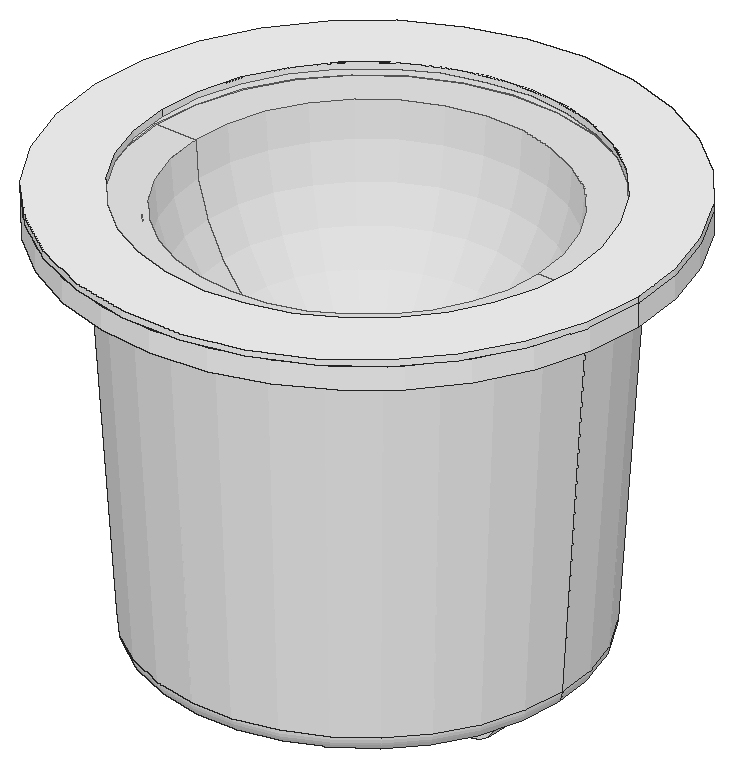
Revit family "2059245", category Lighting Fixtures, host Face, Revit 2018
Family settings
  Host = Face
  Round Connector Dimension = Use Diameter
  Part Type = Normal
  OmniClass Number = 23.80.70.11.17
  OmniClass Title = Specialized Lighting by Location or Use
  Cut with Voids When Loaded = No
  Light Source = Yes
  Shared = No
  Room Calculation Point = No
Parameters (values of type "2059245 MYRIAD DECO IP65 SP 4K PHD SI WBEZ")
  Weight = "n/a"
  Wattage = 15 W
  WarrantyStartDate [instance] = "n/a"
  WarrantyGuarantorParts = "n/a"
  WarrantyDurationUnit = "n/a"
  WarrantyDurationParts = ""
  WarrantyDescription = "http://www.sylvania-lighting.com"
  built-in parameter 1150110 = 1 (stored number, unit not read)
  Voltage = 230 V
  URL = "0"
  TypeName = "MYRIAD DECO IP65 SPOT 4000K PHDM SILVER WBEZ"
  Type Image = 0
  Type Comments = ""
  built-in parameter 1114217 = 1 (stored number, unit not read)
  Tilt Angle = -90°
  built-in parameter 1150109 = 1 (stored number, unit not read)
  built-in parameter 1150134 = (empty or 0)
  built-in parameter 1150113 = 1 (stored number, unit not read)
  SerialNumber [instance] = "n/a"
  Reflector Radius = Cutout Diameter / 2 - 2.5 mm  # 35.0 mm
  Reflector Material = Aluminum_Sylvania_Myriad_Bright
  Recessed Depth = Height  # 72.0 mm
  PowerFactor = 0
  PowerConsumption = "Lighting"
  Photometric Web File = "2059245.ies"
  NominalWidth = 0.0 mm
  NominalLength = 76.0 mm
  NominalHeight = 72.0 mm
  Name = "MYRIAD DECO IP65 SPOT 4000K PHDM SILVER WBEZ"
  ModelReference = "MYRIAD DECO IP65 SPOT 4000K PHDM SILVER WBEZ"
  ModelNumber = "2059245"
  Material = "Feilo Sylvania"
  ManufacturerName = "113 lm/W"
  LuminousEfficacy = ""
  LuminaireType = "0"
  LightOutputRatio = "LED"
  LampsType = Lamp  # "n/a"
  LampNominalLuminous = "4000 K"
  LampMacAdamStep = "90"
  LampColourTemperature = "LED"
  LampColourRenderingIndex = "16500"
  Keynote = "n/a"
  Keynote_2 = "16500"
  InstallationDate [instance] = "n/a"
  InputVoltage = "0"
  InputNominalFrequency = "4000"
  IngressProtection = "IfcLightFixtureType"
  ImpactProtectionIndex = "IfcLightFixtureType"
  IfcExportType = "IfcLightFixtureType"
  IfcExportAs = "Class II"
  Height = 72.0 mm  # constant formula
  ExpectedLife = 50000
  Emit from Circle Diameter = Accessory Inner Diameter 2  # 68.0 mm
  Emit Shape Visible in Rendering = no
  ElectricShockClassification = "113"
  DurationUnit = "hours"
  DocumentationLiterature = "http://www.sylvania-lighting.com/product/en-int/products/2059245"
  DimmingControlOptions = "n/a"
  Diffuser Material = Glass_Sylvania_Myriad_Clear_4000K
  Diffuser Diameter = Cutout Diameter  # 75.0 mm
  Cutout Diameter = 75.0 mm  # constant formula
  CreatedOn = "03/02/2022"
  CreatedBy = "@sylvania-lighting.com"
  built-in parameter 1001205 = 0
  Cost = 0
  built-in parameter 1114216 [instance] = 1 (stored number, unit not read)
  Model = "MYRIAD DECO IP65 SPOT 4000K PHDM SILVER WBEZ"
  Manufacturer = "Feilo Sylvania"  # constant formula
  built-in parameter 1150105 = 83.556 (stored number, unit not read)
  Lumens = 1050 lm
  built-in parameter 1150115 = 1 (stored number, unit not read)
  built-in parameter 1150137 = (empty or 0)
  built-in parameter 1150139 = (empty or 0)
  built-in parameter 1150112 = 1 (stored number, unit not read)
  built-in parameter 1150114 = 1 (stored number, unit not read)
  Lamp = "n/a"
  built-in parameter 1150132 = (empty or 0)
  built-in parameter 1150102 = (empty or 0)
  built-in parameter 1150107 = 2700 (stored number, unit not read)
  built-in parameter 1150138 = (empty or 0)
  built-in parameter 1150106 = 0.83556 (stored number, unit not read)
  built-in parameter 1150104 = 6.5032 (stored number, unit not read)
  Dimming Lamp Color Temperature Shift = <None>
  Description = "Supplied complete with electronic control gear Compact Fluorescent low energy downlight Emergency version passes through the cut out Ideal for low level orientation lighting New range of Architectural accessories each providing a different lit dimension New completely flush plaster up accessory ring for clean ceiling lines and smooth finish Order lamp separately"  # constant formula
  Default Elevation = 0.0 mm
  Color Filter = 16777215
  built-in parameter 1140040 [instance] = 1
  Body Radius = Reflector Radius + 1.5 mm  # 36.5 mm
  Body Material = Aluminum_Sylvania_Myriad_Gray
  BarCode [instance] = "n/a"
  built-in parameter 1114218 = 1 (stored number, unit not read)
  built-in parameter 1150133 = 10 (stored number, unit not read)
  AssetType = "Fixed"
  AssetIdentifier [instance] = "n/a"
  Assembly Code = "D5020200"
  Apparent Load = 10 VA
  Accessory Material = Aluminum_Sylvania_Myriad_White
  Accessory Inner Diameter 2 = Accessory Diameter - 22.0 mm  # 68.0 mm
  Accessory Inner Diameter 1 = Accessory Diameter - 2.0 mm  # 88.0 mm
  Accessory Diameter = Cutout Diameter + 15.0 mm  # 90.0 mm
Reference planes
  plane 1 "Center (Front/Back)": y = 0
  plane 2: z = 0
  plane 3 "Center (Left/Right)": x = 0
  plane 4: z = 2
  plane 5 "Fixture Bottom": z = 4.5
  plane 6: z = -28.5
  plane 7: z = -61.5
  plane 8 "Fixture Top": z = -67.5
  plane 9: z = 3.5
Forms (mm)
  Revolve 1, solid, material "Aluminum_Sylvania_Myriad_Bright" <- "Reflector Material", detail levels fine
    sketch origin (0, 0, 0) x (1, 0, 0) y (0, 0, 1)
      loop
        line (0, -27.515) -> (-6, -27.515)
        arc (-6, -27.515) -> (-22.333, -16.632) -> (-28.5, 2) r 30.135
        line (-28.5, 2) -> (-35, 2) -> (-35, 0) -> (-29.184, 0)
        arc (-29.184, 0) -> (-22.423, -18.18) -> (-6, -28.5) r 30.204
        line (-6, -28.5) -> (0, -28.5) -> (0, -27.515)
      axis (0, -28.5) -> (0, 2)
    angle from 0 to 360
  Revolve 2, solid, material "Aluminum_Sylvania_Myriad_Gray" <- "Body Material", detail levels fine
    sketch origin (0, 0, 0) x (1, 0, 0) y (0, 0, 1)
      loop
        line (-44, 2) -> (-44, 0) -> (-36.5, 0) -> (-32.42, -58.708)
        arc (-32.42, -58.708) -> (-31.474, -60.694) -> (-29.428, -61.5) r 3
        line (-29.428, -61.5) -> (0, -61.5) -> (0, -28.5) -> (-6, -28.5)
        arc (-6, -28.5) -> (-22.423, -18.18) -> (-29.184, 0) r 30.204
        line (-29.184, 0) -> (-35, 0) -> (-35, 2) -> (-44, 2)
      axis (0, 2) -> (0, -61.5)
    angle from 0 to 360
  Extrusion 3, solid, material "Aluminum_Sylvania_Myriad_Gray" <- "Body Material", detail levels fine
    sketch origin (0, 0, 0) x (1, 0, 0) y (0, 0, 1)
      loop
        line (-13.5, -67.5) -> (21, -67.5)
        arc (21, -67.5) -> (23.828, -66.328) -> (25, -63.5) r 4
        line (25, -63.5) -> (25, -61.5) -> (-17.5, -61.5) -> (-17.5, -63.5)
        arc (-17.5, -63.5) -> (-16.328, -66.328) -> (-13.5, -67.5) r 4
    from -4.5 to 4.5
  Extrusion 4, solid, material "Aluminum_Sylvania_Myriad_White" <- "Accessory Material", detail levels fine
    sketch origin (0, 0, 0) x (1, 0, 0) y (0, 1, 0)
      loop
        circle (0, 0) r 45
      loop
        circle (0, 0) r 44
    from 0 to 3.5
  Extrusion 5, solid, material "Aluminum_Sylvania_Myriad_White" <- "Accessory Material", detail levels fine
    sketch origin (0, 0, 0) x (1, 0, 0) y (0, 1, 0)
      loop
        circle (0, 0) r 45
      loop
        circle (0, 0) r 34
    from 3.5 to 4.5
  Extrusion 6, solid, material "Aluminum_Sylvania_Myriad_White" <- "Accessory Material", detail levels coarse+medium
    sketch origin (0, 0, 0) x (1, 0, 0) y (0, 1, 0)
      loop
        circle (0, 0) r 45
    from 0 to 4.5
  Revolve 7, solid, detail levels coarse+medium
    sketch origin (0, 0, 0) x (1, 0, 0) y (0, 0, 1)
      loop
        line (36.5, 0) -> (0, 0) -> (0, -61.5) -> (32.226, -61.5) -> (36.5, 0)
      axis (0, 0) -> (0, -61.5)
    angle from 0 to 360
  Extrusion 8, void
    sketch origin (0, 0, 0) x (1, 0, 0) y (0, 1, 0)
      loop
        circle (0, 0) r 37.5
    from -67.5 to 0
  Extrusion 9, solid, material "Glass_Sylvania_Myriad_Clear_4000K" <- "Diffuser Material", detail levels fine
    sketch origin (0, 0, 0) x (1, 0, 0) y (0, 1, 0)
      loop
        circle (0, 0) r 37.5
    from 2 to 3.5
Cuts and joins
  joined: Extrusion 4, Extrusion 5
Lines and regions (mm)
  Masking region 1
    outline origin (0, 0, 0) x (1, 0, 0) y (0, 1, 0)
      loop
        circle (0, 0) r 45
  symbolic lines
    curve 1: arc (-34, 0, 0) -> (0, 34, 0) -> (34, 0, 0) r 34
    curve 2: arc (34, 0, 0) -> (0, -34, 0) -> (-34, 0, 0) r 34
Dimensions and locks
  locked: plane 7 to plane 8 "Fixture Top" at 6
  "Body Radius": Revolve 7 sketch curve to plane 3 "Center (Left/Right)"
  locked: Revolve 7 sketch curve to Revolve 7 sketch curve at 4.274
  plane 5 "Fixture Bottom" to plane 9 to plane 4 to plane 2 to plane 6 = 1.0 mm locked, 1.5 mm locked, 2.0 mm locked, 28.5 mm locked
  "Reflector Radius": Revolve 1 sketch curve to plane 3 "Center (Left/Right)"
  Revolve 1 sketch curve to Revolve 1 sketch curve to Revolve 1 sketch curve to Revolve 1 sketch curve = 6.5 mm locked, 22.5 mm locked, 0.0 mm locked
  "Reflector Radius": plane 3 "Center (Left/Right)" to Revolve 2 sketch curve
  Revolve 2 sketch curve to Revolve 2 sketch curve to Revolve 2 sketch curve = 7.5 mm locked, 1.5 mm locked
  Revolve 2 sketch curve to Revolve 2 sketch curve to Revolve 2 sketch curve = 5.816 mm locked, 23.184 mm locked
  Revolve 2 sketch curve to Revolve 2 sketch curve to Revolve 2 sketch curve = 2.58 mm locked, 2.993 mm locked
  "Accessory Diameter": diameter of Extrusion 4 sketch curve
  "Accessory Inner Diameter 1": diameter of Extrusion 4 sketch curve
  "Accessory Diameter": diameter of Extrusion 5 sketch curve
  "Accessory Diameter": diameter of Extrusion 6 sketch curve
  "Cutout Diameter": diameter of Extrusion 8 sketch curve
  "Accessory Inner Diameter 2": diameter of Extrusion 5 sketch curve
  "Diffuser Diameter": diameter of Extrusion 9 sketch curve
  aligned and locked: plane 2 to host face
  aligned and locked: level to host face
  aligned and locked: plane 1 "Center (Front/Back)" to imposter light
  aligned and locked: plane 3 "Center (Left/Right)" to imposter light
  aligned and locked: Revolve 1 sketch curve to imposter light
  aligned and locked: Extrusion 3 sketch curve to plane 8 "Fixture Top"
  aligned and locked: plane 7 to Extrusion 3 sketch curve
  aligned and locked: Extrusion 4 to plane 2
  aligned and locked: plane 9 to Extrusion 4
  aligned and locked: Extrusion 5 to plane 9
  aligned and locked: plane 5 "Fixture Bottom" to Extrusion 5
  aligned and locked: Extrusion 6 to plane 2
  aligned and locked: plane 5 "Fixture Bottom" to Extrusion 6
  aligned and locked: Extrusion 8 to plane 8 "Fixture Top"
  aligned and locked: plane 2 to Extrusion 8
  aligned and locked: Masking region 1 sketch curve to Extrusion 6  (x2)
  aligned and locked: Extrusion 9 to plane 4
  aligned and locked: plane 9 to Extrusion 9
  aligned and locked: plane 4 to Revolve 2 sketch curve
  aligned and locked: Revolve 2 sketch curve to plane 2
  aligned and locked: curve 1 to cut or joined group of Extrusion 4, Extrusion 5
  aligned and locked: curve 2 to cut or joined group of Extrusion 4, Extrusion 5
  aligned and locked: imposter light to plane 5 "Fixture Bottom"
Automatic sketch dimensions
  host sketch curve to host sketch curve = 1305.563 mm
  host sketch curve to host sketch curve = 1283.632 mm
  Extrusion 3 sketch curve to plane 7 = 2.0 mm
  Extrusion 3 sketch curve to plane 3 "Center (Left/Right)" = 13.5 mm
  plane 3 "Center (Left/Right)" to Extrusion 3 sketch curve = 21.0 mm
  Extrusion 3 sketch curve to Extrusion 3 sketch curve = 4.0 mm
  Revolve 1 sketch curve to level = 0.0 mm
  Revolve 1 sketch curve to plane 3 "Center (Left/Right)" = 0.0 mm
  Revolve 1 sketch curve to plane 6 = 0.0 mm
  Revolve 1 sketch curve to plane 4 = 0.0 mm
  Revolve 1 sketch curve to Revolve 1 sketch curve = 0.684 mm
  level to Revolve 1 sketch curve = 0.88 mm
  Revolve 1 sketch curve to plane 4 = 0.363 mm
  Revolve 1 sketch curve to Revolve 1 sketch curve = 0.625 mm
  Revolve 1 sketch curve to plane 8 "Fixture Top" = 232.8 mm
  plane 5 "Fixture Bottom" to Revolve 1 sketch curve = 291.243 mm
  Revolve 2 sketch curve to plane 3 "Center (Left/Right)" = 0.0 mm  (x2)
  Revolve 2 sketch curve to plane 7 = 0.0 mm
  Revolve 2 sketch curve to plane 6 = 0.0 mm
  Revolve 2 sketch curve to level = 0.0 mm
  level to Revolve 2 sketch curve = 0.88 mm
  plane 7 to Revolve 2 sketch curve = 2.792 mm
  Revolve 2 sketch curve to plane 8 "Fixture Top" = 304.774 mm
  plane 5 "Fixture Bottom" to Revolve 2 sketch curve = 1137.105 mm
  Extrusion 4 sketch curve to Extrusion 4 sketch curve = 0.0 mm  (x2)
  plane 1 "Center (Front/Back)" to Extrusion 4 sketch curve = 0.0 mm
  Extrusion 4 sketch curve to plane 3 "Center (Left/Right)" = 0.0 mm
  Extrusion 5 sketch curve to Extrusion 5 sketch curve = 0.0 mm  (x2)
  plane 1 "Center (Front/Back)" to Extrusion 5 sketch curve = 0.0 mm
  Extrusion 5 sketch curve to plane 3 "Center (Left/Right)" = 0.0 mm
  plane 1 "Center (Front/Back)" to Extrusion 6 sketch curve = 0.0 mm
  Extrusion 6 sketch curve to plane 3 "Center (Left/Right)" = 0.0 mm
  Revolve 7 sketch curve to level = 0.0 mm
  Revolve 7 sketch curve to plane 3 "Center (Left/Right)" = 0.0 mm  (x2)
  Revolve 7 sketch curve to plane 7 = 0.0 mm
  Revolve 7 sketch curve to plane 8 "Fixture Top" = 304.774 mm
  plane 5 "Fixture Bottom" to Revolve 7 sketch curve = 43.226 mm
  plane 1 "Center (Front/Back)" to Extrusion 8 sketch curve = 0.0 mm
  Extrusion 8 sketch curve to plane 3 "Center (Left/Right)" = 0.0 mm
  plane 1 "Center (Front/Back)" to Extrusion 9 sketch curve = 0.0 mm
  Extrusion 9 sketch curve to plane 3 "Center (Left/Right)" = 0.0 mm
Connectors
  electrical at (-0.006, -0.019, -67.5), driven by "Apparent Load", driven by "Apparent Load"
    settings: on plane 8 "Fixture Top", index 1, voltage 230 V, apparent load 10 VA, apparent load phase1 10 VA, apparent load phase2 0 VA, apparent load phase3 0 VA, power factor 1, load classification "Lighting", number of poles 1, system type 30, power factor state 1, is connector primary yes, connector utility no, sub classification motor no, connector description ""
